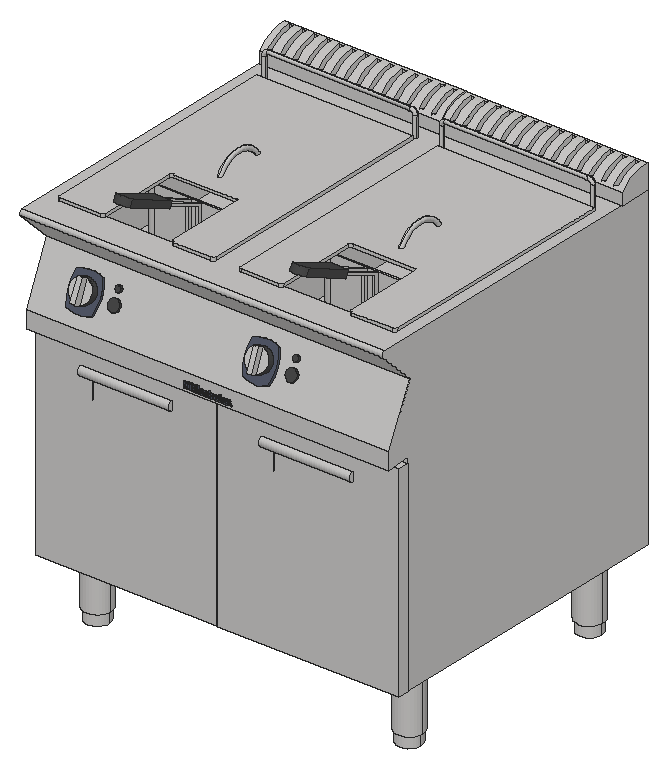
Revit family "QF_ELECTROLUXPROFESSIONAL_371425_E7KKBTBAMEI", category Attrezzature speciali, Revit 2018
Family settings
  Quota connettore circolare = Usa diametro
  Tipo di parte = Normale
  Basato su piano di lavoro = No
  Sempre verticale = Sì
  Taglio con vuoti quando caricato = No
  Condiviso = No
  Punto di calcolo locali = No
Parameters (values of type "Standard")
  Weight = 71.00 kg
  Watts = 0 W
  Volts = 0 V
  URL Manufacturer = "https://www.electroluxprofessional.com/"
  URL = "https://www.electroluxprofessional.com/"
  Steam Supply Size = 0"
  Steam Supply Minimum Pressure = 0.00 psi
  Steam Supply Maximum Pressure = 0.00 psi
  Steam Consumption per Hour = 0
  Show Logo [instance] = yes
  Show Clearance [instance] = yes
  Refrigeration Suction Line Size = 0 mm
  Refrigeration Liquid Line Size = 0 mm
  Refrigerant Compressor Remote = yes
  Phase = 0
  Modello = "E7KKBTBAMEI"
  Produttore = "Electrolux Professional"
  Length Actual = 800 mm  # constant formula
  Item Number = "371425"
  Hot Water Size = 0"
  Height Actual = 850 mm  # constant formula
  HP = "0 HP"
  Gas Size = 1/2"
  Gas KW = 14
  Gas Input Pressure = 0.469158 Btu/h
  Direct Waste Size = 0"
  Descrizione = "2X7 LITRE GAS FRYER 800MM - QMARK"
  Depth Actual = 730 mm  # constant formula
  Cycle = 0 Hz
  Condensate Return Size = 0"
  Compressed Air Volume = 0 GPM
  Compressed Air Size = 0"
  Compressed Air Pressure = 0.00 psi
  Cold Water Size = 0"
  Base Height [instance] = 150 mm  # constant formula
  Accessory = yes
Values of the unnamed type that differ from the named types
  Weight = 0.00 kg
  URL Manufacturer = ""
  Item Number = ""
  HP = ""
  Gas KW = 0
  Gas Input Pressure = 0.0 Btu/h
Reference planes
  plane 1 "BACK": y = 0
  plane 2: z = 0
  plane 3 "LEFT": x = 0
  plane 4 "RIGHT": x = 800
  plane 5 "FRONT": y = -730
  plane 6 "TOP": z = 905.238
  plane 7 "Center Y": x = 400
  plane 8 "Center X": y = -365
  plane 9 "BASE": z = 601
  plane 10 "TOP A": z = 850.238
  plane 11: y = -597.884
  plane 12: y = -147.637
  plane 13: z = 942.313
  plane 14: z = 150
Forms (mm)
  Extrusion 1, solid, material "QF_Finishes_Stainless Steel"
    sketch origin (0, 0, 0) x (0, 1, 0) y (0, 0, 1)
      loop
        line (0, 850.237) -> (-725.027, 850.237)
        arc (-725.027, 850.237) -> (-730.893, 846.318) -> (-729.517, 839.397) r 6.35
        line (-729.517, 839.397) -> (-657.416, 767.047) -> (-713.522, 646.19) -> (-713.522, 608.09) -> (-660.4, 613.7) -> (-660.4, 150) -> (0, 150) -> (0, 850.237)
      loop
        line (-661.987, 601) -> (-687.387, 601) -> (-687.387, 150) -> (-661.987, 150) -> (-661.987, 601)
    from 0 to 800
  Extrusion 2, solid, material "QF_Finishes_Stainless Steel"
    sketch origin (0, 0, 0) x (0, 1, 0) y (0, 0, 1)
      loop
        line (0, 850.237) -> (0, 905.237)
        arc (0, 905.237) -> (-38.078, 897.879) -> (-69.85, 875.637) r 93.057
        line (-69.85, 875.637) -> (-69.85, 850.237) -> (0, 850.237)
    from 0 to 800
  Extrusion 3, void
    sketch origin (0, 0, 850.238) x (-1, 0, 0) y (0, -1, 0)
      loop
        line (-33.338, 147.762) -> (-33.338, 655.762) -> (-373.012, 655.762) -> (-373.012, 147.762) -> (-33.338, 147.762)
      loop
        line (-766.662, 655.762) -> (-766.662, 147.762) -> (-426.988, 147.762) -> (-426.988, 655.762) -> (-766.662, 655.762)
    from 0 to -152.4
  Extrusion 4, void
    sketch origin (0, 0, 850.238) x (-1, 0, 0) y (0, -1, 0)
      loop
        line (-13.453, 6.761) -> (-13.453, 63.911) -> (-22.749, 63.911) -> (-22.749, 6.761) -> (-13.453, 6.761)
    from 25.4 to 63.5
  Extrusion 5, solid, material "QF_Finishes_Navy Blue"
    sketch origin (-97.5, -713.522, 646.19) x (0, 0.421077, 0.907025) y (-1, 0, 0)
      loop
        arc (101.077, -565.788) -> (66.2, -558.771) -> (31.333, -565.832) r 89.894
        arc (31.333, -565.832) -> (24.638, -594.363) -> (31.333, -622.893) r 64.14
        arc (31.333, -622.893) -> (66.2, -629.955) -> (101.077, -622.938) r 89.894
        arc (101.077, -622.938) -> (107.792, -594.363) -> (101.077, -565.788) r 64.16
      loop
        arc (101.077, -177.065) -> (66.2, -170.048) -> (31.333, -177.11) r 89.894
        arc (31.333, -177.11) -> (24.638, -205.64) -> (31.333, -234.171) r 64.14
        arc (31.333, -234.171) -> (66.2, -241.236) -> (101.077, -234.215) r 89.853
        arc (101.077, -234.215) -> (107.792, -205.64) -> (101.077, -177.065) r 64.16
    from 0 to 3.175
  Extrusion 6, solid, material "QF_Finishes_Stainless Steel"
    sketch origin (-97.5, -716.402, 647.527) x (0, 0.421077, 0.907025) y (-1, 0, 0)
      loop
        circle (68.826, -594.351) r 25.4
      loop
        circle (68.826, -205.413) r 25.4
    from 0 to 12.7
  Extrusion 7, solid, material "QF_Finishes_Stainless Steel"
    sketch origin (-97.5, -727.921, 652.875) x (0, 0.421077, 0.907025) y (-1, 0, 0)
      loop
        arc (93.558, -600.137) -> (94.226, -594.351) -> (93.558, -588.564) r 25.4
        line (93.558, -588.564) -> (44.094, -588.564)
        arc (44.094, -588.564) -> (43.426, -594.351) -> (44.094, -600.137) r 25.4
        line (44.094, -600.137) -> (93.558, -600.137)
      loop
        arc (93.558, -211.199) -> (94.226, -205.413) -> (93.558, -199.627) r 25.4
        line (93.558, -199.627) -> (44.094, -199.627)
        arc (44.094, -199.627) -> (43.426, -205.413) -> (44.094, -211.199) r 25.4
        line (44.094, -211.199) -> (93.558, -211.199)
    from 0 to 12.7
  Extrusion 8, solid, material "QF_Finishes_Black"
    sketch origin (35, -713.522, 646.19) x (0, 0.421077, 0.907025) y (-1, 0, 0)
      loop
        circle (93.566, -530.485) r 6.35
      loop
        circle (93.566, -138.473) r 6.35
    from 0 to 3.175
  Extrusion 9, solid, material "QF_Finishes_Black"
    sketch origin (35, -708.259, 657.528) x (0, 0.421077, 0.907025) y (-1, 0, 0)
      loop
        circle (50.809, -530.485) r 12.7
      loop
        circle (50.809, -138.473) r 12.7
    from 0 to 3.175
  Extrusion 10, solid, material "QF_Finishes_Clearance", visible <- "Show Clearance", detail levels coarse
    sketch origin (0, 0, 0) x (1, 0, 0) y (0, 1, 0)
      loop
        line (0, -731.377) -> (0, 0) -> (800, 0) -> (800, -731.377) -> (950.019, -731.377) -> (950.019, 150.019) -> (-150.019, 150.019) -> (-150.019, -731.377) -> (0, -731.377)
    from 0 to 905.237
  Extrusion 11, solid, material "QF_Finishes_Stainless Steel"
    sketch origin (-77.88, -4572, 850.238) x (-1, 0, 0) y (0, -1, 0)
      loop
        arc (-104.867, -3916.238) -> (-106.727, -3911.748) -> (-111.217, -3909.888) r 6.35
        line (-111.217, -3909.888) -> (-200.117, -3909.888)
        arc (-200.117, -3909.888) -> (-204.607, -3911.748) -> (-206.467, -3916.238) r 6.35
        line (-206.467, -3916.238) -> (-206.467, -4090.988)
        arc (-206.467, -4090.988) -> (-208.327, -4095.479) -> (-212.817, -4097.338) r 6.35
        line (-212.817, -4097.338) -> (-349.292, -4097.338)
        arc (-349.292, -4097.338) -> (-353.782, -4095.479) -> (-355.642, -4090.988) r 6.35
        line (-355.642, -4090.988) -> (-355.642, -3916.238)
        arc (-355.642, -3916.238) -> (-357.502, -3911.748) -> (-361.992, -3909.888) r 6.35
        line (-361.992, -3909.888) -> (-444.542, -3909.888)
        arc (-444.542, -3909.888) -> (-449.032, -3911.748) -> (-450.892, -3916.238) r 6.35
        line (-450.892, -3916.238) -> (-450.892, -4459.163) -> (-104.867, -4459.163) -> (-104.867, -3916.238)
      loop
        line (-850.892, -3916.238) -> (-850.892, -4459.163) -> (-504.867, -4459.163) -> (-504.867, -3916.238)
        arc (-504.867, -3916.238) -> (-506.727, -3911.748) -> (-511.217, -3909.888) r 6.35
        line (-511.217, -3909.888) -> (-593.767, -3909.888)
        arc (-593.767, -3909.888) -> (-598.257, -3911.748) -> (-600.117, -3916.238) r 6.35
        line (-600.117, -3916.238) -> (-600.117, -4090.988)
        arc (-600.117, -4090.988) -> (-601.977, -4095.479) -> (-606.467, -4097.338) r 6.35
        line (-606.467, -4097.338) -> (-742.942, -4097.338)
        arc (-742.942, -4097.338) -> (-747.432, -4095.479) -> (-749.292, -4090.988) r 6.35
        line (-749.292, -4090.988) -> (-749.292, -3916.238)
        arc (-749.292, -3916.238) -> (-751.152, -3911.748) -> (-755.642, -3909.888) r 6.35
        line (-755.642, -3909.888) -> (-844.542, -3909.888)
        arc (-844.542, -3909.888) -> (-849.032, -3911.748) -> (-850.892, -3916.238) r 6.35
    from 0 to 6.35
  Sweep 12, solid, material "QF_Finishes_Stainless Steel"
    path origin (0, 36.513, 0) x (1, 0, 0) y (0, 0, 1)
      loop
        line (39.688, 850.238) -> (39.688, 895.713)
        arc (39.688, 895.713) -> (41.547, 900.203) -> (46.038, 902.063) r 6.35
        line (46.038, 902.063) -> (362.669, 902.063)
        arc (362.669, 902.063) -> (367.16, 900.203) -> (369.019, 895.713) r 6.35
        line (369.019, 895.713) -> (369.019, 850.237)
    profile origin (39.688, 36.513, 872.975) x (-1, 0, 0) y (0, -1, 0)
      loop
        circle (2.09, 140.754) r 3.827
  Extrusion 13, solid, material "QF_Finishes_Black"
    sketch origin (271.462, -708.83, 942.26) x (0, 0.906308, -0.422618) y (-1, 0, 0)
      loop
        line (10.103, 47.37) -> (128.716, 47.37) -> (128.716, 84.605) -> (10.103, 84.605)
        arc (10.103, 84.605) -> (-0.124, 65.987) -> (10.103, 47.37) r 22.059
    from -15.884 to 0
  Extrusion 14, solid, material "QF_Finishes_Stainless Steel"
    sketch origin (271.463, 41.275, 0) x (0, 1, 0) y (0, 0, 1)
      loop
        line (-547.91, 741.238) -> (-547.91, 842.715) -> (-635.463, 883.542) -> (-638.147, 877.787) -> (-554.26, 838.67) -> (-554.26, 741.238) -> (-547.91, 741.238)
    from -80.476 to -74.619
  Extrusion 15, solid, material "QF_Finishes_Stainless Steel"
    sketch origin (139.588, 41.275, 0) x (0, 1, 0) y (0, 0, -1)
      loop
        line (-554.26, -838.67) -> (-638.147, -877.787) -> (-635.463, -883.542) -> (-547.91, -842.715) -> (-547.91, -741.238) -> (-554.26, -741.238) -> (-554.26, -838.67)
    from -80.476 to -74.619
  Sweep 16, solid, material "QF_Finishes_Stainless Steel"
    path origin (200.025, -0.124, 0) x (0, 1, 0) y (0, 0, 1)
      loop
        arc (-323.261, 850.238) -> (-377.7, 884.016) -> (-432.139, 850.238) r 60.757
    profile origin (200.025, -377.824, 884.016) x (0, 0, -1) y (1, 0, 0)
      loop
        circle (0, 0) r 4.353
  Sweep 17, solid, material "QF_Finishes_Stainless Steel"
    path origin (600.075, -0.124, 0) x (0, 1, 0) y (0, 0, -1)
      loop
        arc (-323.261, -850.238) -> (-377.7, -884.016) -> (-432.139, -850.238) r 60.757
    profile origin (600.075, -377.824, 884.016) x (0, 0, 1) y (-1, 0, 0)
      loop
        circle (0, 0) r 4.353
  Extrusion 18, solid, material "QF_Finishes_Black"
    sketch origin (528.637, -708.83, 942.26) x (0, 0.906308, -0.422618) y (-1, 0, 0)
      loop
        arc (10.103, -47.27) -> (-0.124, -65.887) -> (10.103, -84.505) r 22.059
        line (10.103, -84.505) -> (128.716, -84.505) -> (128.716, -47.27) -> (10.103, -47.27)
    from -15.884 to 0
  Extrusion 19, solid, material "QF_Finishes_Mesh"
    sketch origin (0, 0, 850.238) x (-1, 0, 0) y (0, -1, 0)
      loop
        arc (-116.625, 189.135) -> (-98.665, 196.575) -> (-91.225, 214.535) r 25.4
        line (-91.225, 214.535) -> (-91.225, 481.11)
        arc (-91.225, 481.11) -> (-98.665, 499.071) -> (-116.625, 506.51) r 25.4
        line (-116.625, 506.51) -> (-294.375, 506.51)
        arc (-294.375, 506.51) -> (-312.336, 499.071) -> (-319.775, 481.11) r 25.4
        line (-319.775, 481.11) -> (-319.775, 214.535)
        arc (-319.775, 214.535) -> (-312.336, 196.575) -> (-294.375, 189.135) r 25.4
        line (-294.375, 189.135) -> (-116.625, 189.135)
      loop
        arc (-116.625, 192.31) -> (-100.91, 198.82) -> (-94.4, 214.535) r 22.225
        line (-94.4, 214.535) -> (-94.4, 481.11)
        arc (-94.4, 481.11) -> (-100.91, 496.826) -> (-116.625, 503.335) r 22.225
        line (-116.625, 503.335) -> (-294.375, 503.335)
        arc (-294.375, 503.335) -> (-310.091, 496.826) -> (-316.6, 481.11) r 22.225
        line (-316.6, 481.11) -> (-316.6, 214.535)
        arc (-316.6, 214.535) -> (-310.091, 198.82) -> (-294.375, 192.31) r 22.225
        line (-294.375, 192.31) -> (-116.625, 192.31)
      loop
        line (-683.375, 189.135) -> (-505.625, 189.135)
        arc (-505.625, 189.135) -> (-487.664, 196.575) -> (-480.225, 214.535) r 25.4
        line (-480.225, 214.535) -> (-480.225, 481.11)
        arc (-480.225, 481.11) -> (-487.664, 499.071) -> (-505.625, 506.51) r 25.4
        line (-505.625, 506.51) -> (-683.375, 506.51)
        arc (-683.375, 506.51) -> (-701.335, 499.071) -> (-708.775, 481.11) r 25.4
        line (-708.775, 481.11) -> (-708.775, 214.535)
        arc (-708.775, 214.535) -> (-701.335, 196.575) -> (-683.375, 189.135) r 25.4
      loop
        line (-683.375, 192.31) -> (-505.625, 192.31)
        arc (-505.625, 192.31) -> (-489.909, 198.82) -> (-483.4, 214.535) r 22.225
        line (-483.4, 214.535) -> (-483.4, 481.11)
        arc (-483.4, 481.11) -> (-489.909, 496.826) -> (-505.625, 503.335) r 22.225
        line (-505.625, 503.335) -> (-683.375, 503.335)
        arc (-683.375, 503.335) -> (-699.09, 496.826) -> (-705.6, 481.11) r 22.225
        line (-705.6, 481.11) -> (-705.6, 214.535)
        arc (-705.6, 214.535) -> (-699.09, 198.82) -> (-683.375, 192.31) r 22.225
    from -109 to -5.315
  Extrusion 20, solid, material "QF_Finishes_Stainless Steel"
    sketch origin (528.637, 41.275, 0) x (0, 1, 0) y (0, 0, -1)
      loop
        line (-547.91, -741.238) -> (-554.26, -741.238) -> (-554.26, -838.67) -> (-638.147, -877.787) -> (-635.463, -883.542) -> (-547.91, -842.715) -> (-547.91, -741.238)
    from -80.476 to -74.619
  Extrusion 21, solid, material "QF_Finishes_Stainless Steel"
    sketch origin (660.512, 41.275, 0) x (0, 1, 0) y (0, 0, 1)
      loop
        line (-554.26, 838.67) -> (-554.26, 741.238) -> (-547.91, 741.238) -> (-547.91, 842.715) -> (-635.463, 883.542) -> (-638.147, 877.787) -> (-554.26, 838.67)
    from -80.476 to -74.619
  Sweep 22, solid, material "QF_Finishes_Stainless Steel"
    path origin (800.1, 36.513, 0) x (-1, 0, 0) y (0, 0, -1)
      loop
        line (39.788, -850.238) -> (39.788, -895.713)
        arc (39.788, -895.713) -> (41.647, -900.203) -> (46.138, -902.063) r 6.35
        line (46.138, -902.063) -> (362.769, -902.063)
        arc (362.769, -902.063) -> (367.26, -900.203) -> (369.119, -895.713) r 6.35
        line (369.119, -895.713) -> (369.119, -850.237)
    profile origin (760.312, 36.513, 872.975) x (-1, 0, 0) y (0, -1, 0)
      loop
        circle (-2.09, 140.754) r 3.827
  Extrusion 23, void
    sketch origin (361.95, 0, 850.237) x (-1, 0, 0) y (0, -1, 0)
      loop
        line (-13.403, 6.761) -> (-13.403, 63.911) -> (-22.699, 63.911) -> (-22.699, 6.761) -> (-13.403, 6.761)
    from 25.4 to 63.5
  Extrusion 24, void
    sketch origin (27.842, 0, 850.238) x (-1, 0, 0) y (0, -1, 0)
      loop
        line (-13.453, 6.761) -> (-13.453, 63.911) -> (-22.749, 63.911) -> (-22.749, 6.761) -> (-13.453, 6.761)
    from 25.4 to 63.5
  Extrusion 25, void
    sketch origin (55.685, 0, 850.238) x (-1, 0, 0) y (0, -1, 0)
      loop
        line (-13.453, 6.761) -> (-13.453, 63.911) -> (-22.749, 63.911) -> (-22.749, 6.761) -> (-13.453, 6.761)
    from 25.4 to 63.5
  Extrusion 26, void
    sketch origin (83.527, 0, 850.238) x (-1, 0, 0) y (0, -1, 0)
      loop
        line (-13.453, 6.761) -> (-13.453, 63.911) -> (-22.749, 63.911) -> (-22.749, 6.761) -> (-13.453, 6.761)
    from 25.4 to 63.5
  Extrusion 27, void
    sketch origin (111.369, 0, 850.237) x (-1, 0, 0) y (0, -1, 0)
      loop
        line (-13.453, 6.761) -> (-13.453, 63.911) -> (-22.749, 63.911) -> (-22.749, 6.761) -> (-13.453, 6.761)
    from 25.4 to 63.5
  Extrusion 28, void
    sketch origin (139.212, 0, 850.237) x (-1, 0, 0) y (0, -1, 0)
      loop
        line (-13.453, 6.761) -> (-13.453, 63.911) -> (-22.749, 63.911) -> (-22.749, 6.761) -> (-13.453, 6.761)
    from 25.4 to 63.5
  Extrusion 29, void
    sketch origin (167.054, 0, 850.237) x (-1, 0, 0) y (0, -1, 0)
      loop
        line (-13.453, 6.761) -> (-13.453, 63.911) -> (-22.749, 63.911) -> (-22.749, 6.761) -> (-13.453, 6.761)
    from 25.4 to 63.5
  Extrusion 30, void
    sketch origin (194.896, 0, 850.237) x (-1, 0, 0) y (0, -1, 0)
      loop
        line (-13.403, 6.761) -> (-13.403, 63.911) -> (-22.699, 63.911) -> (-22.699, 6.761) -> (-13.403, 6.761)
    from 25.4 to 63.5
  Extrusion 31, void
    sketch origin (222.738, 0, 850.237) x (-1, 0, 0) y (0, -1, 0)
      loop
        line (-13.403, 6.761) -> (-13.403, 63.911) -> (-22.699, 63.911) -> (-22.699, 6.761) -> (-13.403, 6.761)
    from 25.4 to 63.5
  Extrusion 32, void
    sketch origin (250.581, 0, 850.237) x (-1, 0, 0) y (0, -1, 0)
      loop
        line (-13.403, 6.761) -> (-13.403, 63.911) -> (-22.699, 63.911) -> (-22.699, 6.761) -> (-13.403, 6.761)
    from 25.4 to 63.5
  Extrusion 33, void
    sketch origin (278.423, 0, 850.237) x (-1, 0, 0) y (0, -1, 0)
      loop
        line (-13.403, 6.761) -> (-13.403, 63.911) -> (-22.699, 63.911) -> (-22.699, 6.761) -> (-13.403, 6.761)
    from 25.4 to 63.5
  Extrusion 34, void
    sketch origin (306.265, 0, 850.237) x (-1, 0, 0) y (0, -1, 0)
      loop
        line (-13.403, 6.761) -> (-13.403, 63.911) -> (-22.699, 63.911) -> (-22.699, 6.761) -> (-13.403, 6.761)
    from 25.4 to 63.5
  Extrusion 35, void
    sketch origin (334.108, 0, 850.237) x (-1, 0, 0) y (0, -1, 0)
      loop
        line (-13.403, 6.761) -> (-13.403, 63.911) -> (-22.699, 63.911) -> (-22.699, 6.761) -> (-13.403, 6.761)
    from 25.4 to 63.5
  Extrusion 36, void
    sketch origin (800.1, 0, 850.237) x (1, 0, 0) y (0, 1, 0)
      loop
        line (-13.553, -6.761) -> (-22.849, -6.761) -> (-22.849, -63.911) -> (-13.553, -63.911) -> (-13.553, -6.761)
    from 25.4 to 63.5
  Extrusion 37, void
    sketch origin (438.15, 0, 850.237) x (1, 0, 0) y (0, 1, 0)
      loop
        line (-13.503, -6.761) -> (-22.799, -6.761) -> (-22.799, -63.911) -> (-13.503, -63.911) -> (-13.503, -6.761)
    from 25.4 to 63.5
  Extrusion 38, void
    sketch origin (772.258, 0, 850.237) x (1, 0, 0) y (0, 1, 0)
      loop
        line (-13.553, -6.761) -> (-22.849, -6.761) -> (-22.849, -63.911) -> (-13.553, -63.911) -> (-13.553, -6.761)
    from 25.4 to 63.5
  Extrusion 39, void
    sketch origin (744.415, 0, 850.237) x (1, 0, 0) y (0, 1, 0)
      loop
        line (-13.553, -6.761) -> (-22.849, -6.761) -> (-22.849, -63.911) -> (-13.553, -63.911) -> (-13.553, -6.761)
    from 25.4 to 63.5
  Extrusion 40, void
    sketch origin (716.573, 0, 850.237) x (1, 0, 0) y (0, 1, 0)
      loop
        line (-13.553, -6.761) -> (-22.849, -6.761) -> (-22.849, -63.911) -> (-13.553, -63.911) -> (-13.553, -6.761)
    from 25.4 to 63.5
  Extrusion 41, void
    sketch origin (688.731, 0, 850.237) x (1, 0, 0) y (0, 1, 0)
      loop
        line (-13.553, -6.761) -> (-22.849, -6.761) -> (-22.849, -63.911) -> (-13.553, -63.911) -> (-13.553, -6.761)
    from 25.4 to 63.5
  Extrusion 42, void
    sketch origin (660.888, 0, 850.237) x (1, 0, 0) y (0, 1, 0)
      loop
        line (-13.553, -6.761) -> (-22.849, -6.761) -> (-22.849, -63.911) -> (-13.553, -63.911) -> (-13.553, -6.761)
    from 25.4 to 63.5
  Extrusion 43, void
    sketch origin (633.046, 0, 850.237) x (1, 0, 0) y (0, 1, 0)
      loop
        line (-13.553, -6.761) -> (-22.849, -6.761) -> (-22.849, -63.911) -> (-13.553, -63.911) -> (-13.553, -6.761)
    from 25.4 to 63.5
  Extrusion 44, void
    sketch origin (605.204, 0, 850.237) x (1, 0, 0) y (0, 1, 0)
      loop
        line (-13.503, -6.761) -> (-22.799, -6.761) -> (-22.799, -63.911) -> (-13.503, -63.911) -> (-13.503, -6.761)
    from 25.4 to 63.5
  Extrusion 45, void
    sketch origin (577.362, 0, 850.237) x (1, 0, 0) y (0, 1, 0)
      loop
        line (-13.503, -6.761) -> (-22.799, -6.761) -> (-22.799, -63.911) -> (-13.503, -63.911) -> (-13.503, -6.761)
    from 25.4 to 63.5
  Extrusion 46, void
    sketch origin (549.519, 0, 850.237) x (1, 0, 0) y (0, 1, 0)
      loop
        line (-13.503, -6.761) -> (-22.799, -6.761) -> (-22.799, -63.911) -> (-13.503, -63.911) -> (-13.503, -6.761)
    from 25.4 to 63.5
  Extrusion 47, void
    sketch origin (521.677, 0, 850.237) x (1, 0, 0) y (0, 1, 0)
      loop
        line (-13.503, -6.761) -> (-22.799, -6.761) -> (-22.799, -63.911) -> (-13.503, -63.911) -> (-13.503, -6.761)
    from 25.4 to 63.5
  Extrusion 48, void
    sketch origin (493.835, 0, 850.237) x (1, 0, 0) y (0, 1, 0)
      loop
        line (-13.503, -6.761) -> (-22.799, -6.761) -> (-22.799, -63.911) -> (-13.503, -63.911) -> (-13.503, -6.761)
    from 25.4 to 63.5
  Extrusion 49, void
    sketch origin (465.992, 0, 850.237) x (1, 0, 0) y (0, 1, 0)
      loop
        line (-13.503, -6.761) -> (-22.799, -6.761) -> (-22.799, -63.911) -> (-13.503, -63.911) -> (-13.503, -6.761)
    from 25.4 to 63.5
  Extrusion 50, void
    sketch origin (418.151, 0, 850.237) x (1, 0, 0) y (0, 1, 0)
      loop
        line (-16.563, 0) -> (-19.738, 0) -> (-19.738, -69.85) -> (-16.563, -69.85) -> (-16.563, 0)
    from 25.4 to 63.5
  Extrusion 51, void
    sketch origin (0, -660.4, 601) x (0, 0, 1) y (-1, 0, 0)
      loop
        line (0, -398.363) -> (-451, -398.363) -> (-451, -401.538) -> (0, -401.538) -> (0, -398.363)
    from 0 to 27
  Extrusion 52, void
    sketch origin (200.025, 0, 0) x (0, 1, 0) y (0, 0, 1)
      loop
        line (-687.137, 541) -> (-687.137, 499.788) -> (-672.137, 541) -> (-687.137, 541)
    from -75 to 75
  Extrusion 53, solid, material "QF_Finishes_Stainless Steel"
    sketch origin (200.025, 0, 0) x (0, 1, 0) y (0, 0, 1)
      loop
        line (-687.137, 541) -> (-687.137, 561)
        arc (-687.137, 561) -> (-697.137, 551) -> (-687.137, 541) r 10
    from -100 to 100
  Extrusion 54, void
    sketch origin (600.075, 0, 0) x (0, 1, 0) y (0, 0, -1)
      loop
        line (-687.137, -541) -> (-672.137, -541) -> (-687.137, -499.788) -> (-687.137, -541)
    from -75 to 75
  Extrusion 55, solid, material "QF_Finishes_Stainless Steel"
    sketch origin (600.075, 0, 0) x (0, 1, 0) y (0, 0, -1)
      loop
        arc (-687.137, -541) -> (-697.137, -551) -> (-687.137, -561) r 10
        line (-687.137, -561) -> (-687.137, -541)
    from -100 to 100
  Revolve 56, solid, material "QF_Finishes_Stainless Steel"
    sketch origin (0, -587.387, 608.09) x (0, 0, 1) y (-1, 0, 0)
      loop
        line (-608.09, -56) -> (-458.09, -56) -> (-458.09, -26) -> (-583.09, -26) -> (-583.09, -29.75) -> (-608.09, -29.75) -> (-608.09, -56)
      axis (-608.09, -56) -> (-458.09, -56)
    angle from 0 to 360
  Revolve 57, solid, material "QF_Finishes_Stainless Steel"
    sketch origin (0, -90, 608.09) x (0, 0, 1) y (-1, 0, 0)
      loop
        line (-608.09, -56) -> (-458.09, -56) -> (-458.09, -26) -> (-583.09, -26) -> (-583.09, -29.75) -> (-608.09, -29.75) -> (-608.09, -56)
      axis (-608.09, -56) -> (-458.09, -56)
    angle from 0 to 360
  Revolve 58, solid, material "QF_Finishes_Stainless Steel"
    sketch origin (800.1, -587.387, 608.09) x (0, 0, 1) y (-1, 0, 0)
      loop
        line (-608.09, 56.1) -> (-608.09, 29.85) -> (-583.09, 29.85) -> (-583.09, 26.1) -> (-458.09, 26.1) -> (-458.09, 56.1) -> (-608.09, 56.1)
      axis (-608.09, 56.1) -> (-458.09, 56.1)
    angle from 0 to 360
  Revolve 59, solid, material "QF_Finishes_Stainless Steel"
    sketch origin (800.1, -90, 608.09) x (0, 0, 1) y (-1, 0, 0)
      loop
        line (-608.09, 56.1) -> (-608.09, 29.85) -> (-583.09, 29.85) -> (-583.09, 26.1) -> (-458.09, 26.1) -> (-458.09, 56.1) -> (-608.09, 56.1)
      axis (-608.09, 56.1) -> (-458.09, 56.1)
    angle from 0 to 360
  Extrusion 60, solid, material "QF_Finishes_Door Clearance", visible <- "Show Clearance", detail levels coarse
    sketch origin (0, 0, 850.238) x (-1, 0, 0) y (0, -1, 0)
      loop
        arc (-401.587, 687.137) -> (-518.28, 968.858) -> (-800, 1085.55) r 398.413
        line (-800, 1085.55) -> (-800, 687.137) -> (-401.587, 687.137)
      loop
        line (-398.412, 687.138) -> (0, 687.137) -> (0, 1085.55)
        arc (0, 1085.55) -> (-281.72, 968.858) -> (-398.412, 687.138) r 398.412
    from -700.237 to -249.237
  Extrusion 61, solid, material "QF_Finishes_Stainless Steel"
    sketch origin (-77.88, -4572, 150) x (-1, 0, 0) y (0, -1, 0)
      loop
        circle (-821.88, -4067) r 6.35
    from 0 to -12.7
  Extrusion 62, solid, material "QF_Finishes_Navy Blue", visible <- "Show Logo"
    sketch origin (60.791, -713.772, 608.09) x (0, 0, 1) y (-1, 0, 0)
      loop
        line (20.674, -296.698) -> (8.307, -296.698)
        arc (8.307, -296.698) -> (14.491, -301.27) -> (20.674, -296.698) r 6.467
      loop
        arc (20.674, -296.069) -> (19.505, -290.926) -> (14.849, -288.448) r 6.338
        line (14.849, -288.448) -> (14.849, -290.494)
        arc (14.849, -290.494) -> (16.333, -294.149) -> (19.778, -296.069) r 5.941
        line (19.778, -296.069) -> (20.674, -296.069)
      loop
        arc (9.203, -296.069) -> (12.648, -294.149) -> (14.132, -290.494) r 5.941
        line (14.132, -290.494) -> (14.132, -288.448)
        arc (14.132, -288.448) -> (9.438, -290.922) -> (8.148, -296.069) r 6.504
        line (8.148, -296.069) -> (9.203, -296.069)
      loop
        line (21.349, -287.979) -> (7.604, -287.979) -> (7.604, -301.742) -> (21.349, -301.742) -> (21.349, -287.979)
      loop
        arc (21.432, -304.71) -> (21.085, -304.352) -> (20.718, -304.69) r 0.358
        arc (20.718, -304.69) -> (20.404, -305.44) -> (19.687, -305.825) r 1.216
        line (19.687, -305.825) -> (9.274, -305.825)
        arc (9.274, -305.825) -> (8.614, -305.548) -> (8.218, -304.951) r 1.238
        arc (8.218, -304.951) -> (7.823, -304.7) -> (7.518, -305.054) r 0.358
        line (7.518, -305.054) -> (7.518, -314.933) -> (10.269, -314.933) -> (10.269, -314.036)
        arc (10.269, -314.036) -> (9.36, -313.456) -> (8.904, -312.479) r 1.928
        line (8.904, -312.479) -> (8.904, -309.98)
        arc (8.904, -309.98) -> (9.18, -309.251) -> (9.868, -308.887) r 1.101
        line (9.868, -308.887) -> (13.955, -308.887) -> (13.955, -312.561)
        arc (13.955, -312.561) -> (13.602, -313.058) -> (13.037, -313.286) r 1.083
        arc (13.037, -313.286) -> (12.773, -313.591) -> (13.065, -313.869) r 0.292
        line (13.065, -313.869) -> (16.028, -313.869)
        arc (16.028, -313.869) -> (16.33, -313.596) -> (16.092, -313.266) r 0.305
        arc (16.092, -313.266) -> (15.601, -313.018) -> (15.296, -312.561) r 1.083
        line (15.296, -312.561) -> (15.296, -308.887) -> (19.973, -308.887) -> (19.973, -312.635)
        arc (19.973, -312.635) -> (19.759, -313.39) -> (19.153, -313.888) r 1.314
        arc (19.153, -313.888) -> (18.934, -314.292) -> (19.288, -314.585) r 0.361
        line (19.288, -314.585) -> (21.432, -314.585) -> (21.432, -304.71)
      loop
        arc (20.715, -315.365) -> (20.335, -316.284) -> (19.416, -316.664) r 1.299
        line (19.416, -316.664) -> (9.837, -316.664)
        arc (9.837, -316.664) -> (8.999, -316.286) -> (8.728, -315.408) r 1.118
        line (8.728, -315.408) -> (7.518, -315.408) -> (7.518, -320.758) -> (8.706, -320.758)
        arc (8.706, -320.758) -> (8.978, -319.841) -> (9.848, -319.445) r 1.153
        line (9.848, -319.445) -> (21.92, -319.445) -> (20.715, -315.365)
      loop
        line (12.483, -323.394) -> (12.483, -329.842) -> (13.282, -329.842)
        arc (13.282, -329.842) -> (15.862, -328.857) -> (17.131, -326.404) r 3.874
        line (17.131, -326.404) -> (17.131, -324.643)
        arc (17.131, -324.643) -> (15.944, -321.778) -> (13.08, -320.592) r 4.051
        line (13.08, -320.592) -> (11.072, -320.592)
        arc (11.072, -320.592) -> (8.253, -322.077) -> (7.202, -325.084) r 4.352
        arc (7.202, -325.084) -> (7.566, -327.547) -> (8.943, -329.621) r 5.713
        line (8.943, -329.621) -> (9.892, -329.621)
        arc (9.892, -329.621) -> (9.16, -328.052) -> (8.943, -326.334) r 5.579
        arc (8.943, -326.334) -> (9.737, -324.371) -> (11.616, -323.394) r 3.057
        line (11.616, -323.394) -> (12.483, -323.394)
      loop
        line (13.742, -323.394) -> (13.742, -326.977)
        arc (13.742, -326.977) -> (15.199, -327.024) -> (16.082, -325.864) r 1.59
        line (16.082, -325.864) -> (16.082, -325.034)
        arc (16.082, -325.034) -> (15.217, -323.779) -> (13.742, -323.394) r 2.184
      loop
        arc (16.533, -339.259) -> (17.022, -337.585) -> (17.179, -335.848) r 9.023
        line (17.179, -335.848) -> (17.179, -334.486)
        arc (17.179, -334.486) -> (16.02, -331.686) -> (13.22, -330.527) r 3.959
        line (13.22, -330.527) -> (10.62, -330.527)
        arc (10.62, -330.527) -> (8.338, -331.819) -> (7.221, -334.192) r 4.331
        line (7.221, -334.192) -> (7.221, -336.327)
        arc (7.221, -336.327) -> (7.729, -337.877) -> (8.651, -339.223) r 5.772
        arc (8.651, -339.223) -> (9.412, -339.274) -> (9.499, -338.515) r 0.553
        arc (9.499, -338.515) -> (9.111, -337.781) -> (8.977, -336.962) r 2.573
        line (8.977, -336.962) -> (8.977, -335.447)
        arc (8.977, -335.447) -> (9.983, -333.806) -> (11.798, -333.163) r 2.884
        line (11.798, -333.163) -> (13.077, -333.163)
        arc (13.077, -333.163) -> (14.898, -333.723) -> (15.824, -335.388) r 2.554
        line (15.824, -335.388) -> (15.824, -336.441)
        arc (15.824, -336.441) -> (15.493, -337.369) -> (14.836, -338.104) r 2.564
        arc (14.836, -338.104) -> (14.614, -338.821) -> (15.223, -339.259) r 0.643
        line (15.223, -339.259) -> (16.533, -339.259)
      loop
        line (15.515, -339.53) -> (15.515, -341.031) -> (9.467, -341.031)
        arc (9.467, -341.031) -> (7.879, -341.688) -> (7.221, -343.276) r 2.246
        line (7.221, -343.276) -> (7.221, -344.86)
        arc (7.221, -344.86) -> (7.535, -345.725) -> (8.035, -346.496) r 4.06
        arc (8.035, -346.496) -> (8.768, -346.629) -> (9.019, -345.928) r 0.576
        arc (9.019, -345.928) -> (8.913, -345.403) -> (8.977, -344.87) r 1.69
        arc (8.977, -344.87) -> (9.519, -344.082) -> (10.425, -343.779) r 1.506
        line (10.425, -343.779) -> (15.563, -343.779) -> (15.563, -346.176) -> (16.119, -346.733) -> (16.941, -346.733) -> (16.941, -343.873) -> (20.172, -343.873) -> (15.515, -339.53)
      loop
        line (7.438, -347.63) -> (7.438, -353.017) -> (8.548, -353.017)
        arc (8.548, -353.017) -> (8.942, -352.066) -> (9.893, -351.672) r 1.345
        line (9.893, -351.672) -> (13.509, -351.672)
        arc (13.509, -351.672) -> (14.274, -352.264) -> (14.564, -353.186) r 1.615
        line (14.564, -353.186) -> (14.564, -354.742) -> (17.119, -355.427) -> (17.119, -354.044) -> (15.177, -351.485) -> (17.057, -351.485) -> (16.773, -348.779)
        arc (16.773, -348.779) -> (16.333, -348.249) -> (15.674, -348.45) r 0.621
        arc (15.674, -348.45) -> (15.274, -348.792) -> (14.78, -348.975) r 1.501
        line (14.78, -348.975) -> (9.893, -348.975)
        arc (9.893, -348.975) -> (8.942, -348.581) -> (8.548, -347.63) r 1.345
        line (8.548, -347.63) -> (7.438, -347.63)
      loop
        line (13.54, -354.964) -> (10.848, -354.964)
        arc (10.848, -354.964) -> (8.403, -356.272) -> (7.269, -358.803) r 4.288
        arc (7.269, -358.803) -> (7.205, -360.183) -> (7.269, -361.563) r 15.022
        arc (7.269, -361.563) -> (8.403, -364.094) -> (10.848, -365.401) r 4.288
        line (10.848, -365.401) -> (13.54, -365.401)
        arc (13.54, -365.401) -> (15.986, -364.094) -> (17.119, -361.563) r 4.288
        arc (17.119, -361.563) -> (17.183, -360.183) -> (17.119, -358.803) r 15.022
        arc (17.119, -358.803) -> (15.986, -356.272) -> (13.54, -354.964) r 4.288
      loop
        line (13.745, -358.078) -> (10.643, -358.078)
        arc (10.643, -358.078) -> (8.486, -360.235) -> (10.643, -362.392) r 2.157
        line (10.643, -362.392) -> (13.745, -362.392)
        arc (13.745, -362.392) -> (15.902, -360.235) -> (13.745, -358.078) r 2.157
      loop
        arc (20.726, -365.26) -> (20.355, -366.154) -> (19.461, -366.524) r 1.264
        line (19.461, -366.524) -> (9.597, -366.524)
        arc (9.597, -366.524) -> (8.727, -366.127) -> (8.455, -365.211) r 1.153
        line (8.455, -365.211) -> (7.518, -365.211) -> (7.518, -370.319) -> (8.446, -370.319)
        arc (8.446, -370.319) -> (8.805, -369.547) -> (9.597, -369.232) r 1.153
        line (9.597, -369.232) -> (21.92, -369.232) -> (20.726, -365.26)
      loop
        arc (15.846, -369.857) -> (15.647, -370.921) -> (14.678, -371.403) r 1.215
        line (14.678, -371.403) -> (9.658, -371.403)
        arc (9.658, -371.403) -> (8.043, -372.051) -> (7.322, -373.634) r 2.338
        line (7.322, -373.634) -> (7.322, -375.148)
        arc (7.322, -375.148) -> (7.497, -376.152) -> (7.999, -377.038) r 2.979
        line (7.999, -377.038) -> (7.518, -378.835) -> (7.518, -380.524) -> (16.943, -380.524) -> (16.649, -376.32) -> (15.863, -376.32)
        arc (15.863, -376.32) -> (15.507, -377.156) -> (14.755, -377.665) r 1.605
        line (14.755, -377.665) -> (9.652, -377.665)
        arc (9.652, -377.665) -> (9.232, -376.728) -> (9.159, -375.704) r 2.94
        arc (9.159, -375.704) -> (9.72, -374.603) -> (10.873, -374.16) r 1.724
        line (10.873, -374.16) -> (17.07, -374.16) -> (15.846, -369.857)
      loop
        line (16.874, -381.377) -> (15.202, -383.423) -> (12.028, -385.729) -> (8.572, -382.617)
        arc (8.572, -382.617) -> (8.335, -382.223) -> (8.357, -381.764) r 0.789
        line (8.357, -381.764) -> (7.518, -381.764) -> (7.518, -385.309) -> (8.344, -385.309)
        arc (8.344, -385.309) -> (8.686, -384.947) -> (9.176, -385.039) r 0.52
        line (9.176, -385.039) -> (10.976, -386.51) -> (8.858, -387.886)
        arc (8.858, -387.886) -> (8.457, -387.576) -> (8.37, -387.076) r 0.7
        line (8.37, -387.076) -> (7.518, -387.076) -> (7.518, -393.003) -> (8.405, -393.003)
        arc (8.405, -393.003) -> (8.472, -392.344) -> (8.866, -391.813) r 1.247
        line (8.866, -391.813) -> (13.066, -388.532) -> (15.513, -390.585) -> (16.874, -392.327) -> (16.874, -388.604) -> (15.389, -389.026) -> (13.868, -387.749) -> (15.568, -386.559) -> (16.874, -387.336) -> (16.874, -381.377)
    from 0 to 1.644
Cuts and joins
  Extrusion 3, Extrusion 4, Extrusion 51, Extrusion 52, Extrusion 54 cuts Extrusion 1
  Extrusion 4, Extrusion 23, Extrusion 24, Extrusion 25, Extrusion 26, Extrusion 27, Extrusion 28, Extrusion 29, Extrusion 30, Extrusion 31, Extrusion 32, Extrusion 33, Extrusion 34, Extrusion 35, Extrusion 36, Extrusion 37, Extrusion 38, Extrusion 39, Extrusion 40, Extrusion 41, Extrusion 42, Extrusion 43, Extrusion 44, Extrusion 45, Extrusion 46, Extrusion 47, Extrusion 48, Extrusion 49, Extrusion 50 cuts Extrusion 2
  joined: Extrusion 6, Extrusion 7
  joined: Extrusion 11, Sweep 16, Sweep 17
  Extrusion 23, Extrusion 24, Extrusion 25, Extrusion 26, Extrusion 27, Extrusion 28, Extrusion 29, Extrusion 30, Extrusion 31, Extrusion 32, Extrusion 33, Extrusion 34, Extrusion 35, Extrusion 36, Extrusion 37, Extrusion 38, Extrusion 39, Extrusion 40, Extrusion 41, Extrusion 42, Extrusion 43, Extrusion 44, Extrusion 45, Extrusion 46, Extrusion 47, Extrusion 48, Extrusion 49, Extrusion 50, Extrusion 52, Extrusion 54 cuts Extrusion 10
  Extrusion 52, Extrusion 54 cuts Extrusion 53
  Extrusion 54 cuts Extrusion 55
Lines and regions (mm)
  symbolic lines, style "QF-Clearances", visible <- "Show Clearance", detail levels coarse
    curve 1: line (-150.019, 150.019, 850.238) -> (-150.019, -731.377, 850.238)
    curve 2: line (950.019, 150.019, 850.237) -> (-150.019, 150.019, 850.238)
    curve 3: line (950.019, -731.377, 850.237) -> (950.019, 150.019, 850.237)
  symbolic lines
    curve 4: line (0, 0, 850.238) -> (800, 0, 850.237)
    curve 5: line (0, -730, 850.238) -> (0, 0, 850.238)
    curve 6: line (800, -730, 850.237) -> (0, -730, 850.238)
    curve 7: line (800, 0, 850.237) -> (800, -730, 850.237)
    curve 8: line (22.699, -6.761, 850.238) -> (22.699, -63.911, 850.238)
    curve 9: line (13.403, -63.911, 850.238) -> (13.403, -6.761, 850.238)
    curve 10: line (13.403, -6.761, 850.238) -> (22.699, -6.761, 850.238)
    curve 11: line (26.988, -112.837, 850.238) -> (26.988, -655.762, 850.238)
    curve 12: arc (26.988, -655.762, 850.238) -> (28.847, -660.252, 850.238) -> (33.338, -662.112, 850.238) r 6.35
    curve 13: line (33.338, -662.112, 850.238) -> (122.188, -662.112, 850.237)
    curve 14: arc (122.188, -662.112, 850.237) -> (126.678, -660.252, 850.237) -> (128.538, -655.762, 850.237) r 6.35
    curve 15: line (128.538, -655.762, 850.237) -> (128.538, -481.012, 850.237)
    curve 16: arc (128.537, -481.012, 850.237) -> (130.397, -476.521, 850.237) -> (134.887, -474.662, 850.237) r 6.35
    curve 17: line (134.887, -474.662, 850.237) -> (271.412, -474.662, 850.237)
    curve 18: arc (271.412, -474.662, 850.237) -> (275.903, -476.521, 850.237) -> (277.762, -481.012, 850.237) r 6.35
    curve 19: line (277.762, -481.012, 850.237) -> (277.762, -655.762, 850.237)
    curve 20: arc (277.762, -655.762, 850.237) -> (279.622, -660.252, 850.237) -> (284.112, -662.112, 850.237) r 6.35
    curve 21: line (284.112, -662.112, 850.237) -> (366.662, -662.112, 850.237)
    curve 22: arc (366.662, -662.112, 850.237) -> (371.153, -660.252, 850.237) -> (373.012, -655.762, 850.237) r 6.35
    curve 23: line (373.012, -655.762, 850.237) -> (373.012, -112.837, 850.237)
    curve 24: line (373.012, -112.837, 850.237) -> (26.988, -112.837, 850.238)
    curve 25: line (0, -69.85, 850.238) -> (398.413, -69.85, 850.237)
    curve 26: line (224.093, -706.386, 850.237) -> (224.093, -592.174, 850.237)
    curve 27: line (224.093, -592.174, 850.237) -> (186.858, -592.174, 850.237)
    curve 28: line (186.858, -592.174, 850.237) -> (186.858, -706.386, 850.237)
    curve 29: spline (224.093, -706.386, 850.237) -> (221.86, -709.048, 850.237) -> (219.17, -711.336, 850.237) -> (216.096, -713.185, 850.237) -> (212.725, -714.544, 850.237) -> (209.152, -715.375, 850.237) -> (205.475, -715.655, 850.237) -> (201.799, -715.375, 850.237) -> (198.225, -714.544, 850.237) -> (194.855, -713.185, 850.237) -> (191.781, -711.336, 850.237) -> (189.09, -709.048, 850.237) -> (186.858, -706.386, 850.237)
    curve 30: line (128.538, -655.762, 850.237) -> (186.858, -655.762, 850.237)
    curve 31: line (224.093, -655.762, 850.237) -> (277.762, -655.762, 850.237)
    curve 32: line (196.794, -506.51, 850.237) -> (196.794, -592.174, 850.237)
    curve 33: line (190.937, -592.174, 850.237) -> (190.937, -506.51, 850.237)
    curve 34: line (220.014, -506.51, 850.237) -> (220.014, -592.174, 850.237)
    curve 35: line (214.157, -592.174, 850.237) -> (214.157, -506.51, 850.237)
    curve 36: spline (186.858, -699.673, 850.237) -> (189.09, -702.336, 850.237) -> (191.781, -704.623, 850.237) -> (194.855, -706.473, 850.237) -> (198.225, -707.832, 850.237) -> (201.799, -708.663, 850.237) -> (205.475, -708.942, 850.237) -> (209.152, -708.663, 850.237) -> (212.725, -707.832, 850.237) -> (216.096, -706.473, 850.237) -> (219.17, -704.623, 850.237) -> (221.86, -702.336, 850.237) -> (224.093, -699.673, 850.237)
    curve 37: line (195.52, -428.432, 850.237) -> (195.52, -326.969, 850.237)
    curve 38: line (204.418, -326.969, 850.237) -> (204.418, -428.432, 850.237)
    curve 39: arc (195.52, -428.432, 850.237) -> (199.969, -432.882, 850.237) -> (204.418, -428.432, 850.237) r 4.449
    curve 40: arc (195.52, -326.969, 850.237) -> (199.969, -322.52, 850.237) -> (204.418, -326.969, 850.237) r 4.449
    curve 41: line (128.538, -503.335, 850.237) -> (277.762, -503.335, 850.237)
    curve 42: line (128.538, -506.51, 850.237) -> (277.762, -506.51, 850.237)
    curve 43: line (773.013, -112.837, 850.237) -> (773.013, -655.762, 850.237)
    curve 44: arc (773.013, -655.762, 850.237) -> (771.153, -660.252, 850.237) -> (766.663, -662.112, 850.237) r 6.35
    curve 45: line (766.663, -662.112, 850.237) -> (677.763, -662.112, 850.237)
    curve 46: arc (677.763, -662.112, 850.237) -> (673.272, -660.252, 850.237) -> (671.413, -655.762, 850.237) r 6.35
    curve 47: line (671.413, -655.762, 850.237) -> (671.413, -481.012, 850.237)
    curve 48: arc (671.413, -481.012, 850.237) -> (669.553, -476.521, 850.237) -> (665.063, -474.662, 850.237) r 6.35
    curve 49: line (665.063, -474.662, 850.237) -> (528.538, -474.662, 850.237)
    curve 50: arc (528.538, -474.662, 850.237) -> (524.047, -476.521, 850.237) -> (522.188, -481.012, 850.237) r 6.35
    curve 51: line (522.188, -481.012, 850.237) -> (522.188, -655.762, 850.237)
    curve 52: arc (522.188, -655.762, 850.237) -> (520.328, -660.252, 850.237) -> (515.838, -662.112, 850.237) r 6.35
    curve 53: line (515.838, -662.112, 850.237) -> (433.338, -662.112, 850.237)
    curve 54: arc (433.338, -662.112, 850.237) -> (428.847, -660.252, 850.237) -> (426.988, -655.762, 850.237) r 6.35
    curve 55: line (426.988, -655.762, 850.237) -> (426.988, -112.837, 850.237)
    curve 56: line (426.988, -112.837, 850.237) -> (773.013, -112.837, 850.237)
    curve 57: line (575.857, -706.386, 850.237) -> (575.857, -592.174, 850.237)
    curve 58: line (575.857, -592.174, 850.237) -> (613.092, -592.174, 850.237)
    curve 59: line (613.092, -592.174, 850.237) -> (613.092, -706.386, 850.237)
    curve 60: spline (575.857, -706.386, 850.237) -> (578.09, -709.048, 850.237) -> (580.78, -711.336, 850.237) -> (583.854, -713.185, 850.237) -> (587.225, -714.544, 850.237) -> (590.798, -715.375, 850.237) -> (594.475, -715.655, 850.237) -> (598.151, -715.375, 850.237) -> (601.725, -714.544, 850.237) -> (605.095, -713.185, 850.237) -> (608.169, -711.336, 850.237) -> (610.86, -709.048, 850.237) -> (613.092, -706.386, 850.237)
    curve 61: line (671.413, -655.762, 850.237) -> (613.092, -655.762, 850.237)
    curve 62: line (575.857, -655.762, 850.237) -> (522.188, -655.762, 850.237)
    curve 63: line (603.156, -506.51, 850.237) -> (603.156, -592.174, 850.237)
    curve 64: line (609.013, -592.174, 850.237) -> (609.013, -506.51, 850.237)
    curve 65: line (579.936, -506.51, 850.237) -> (579.936, -592.174, 850.237)
    curve 66: line (585.793, -592.174, 850.237) -> (585.793, -506.51, 850.237)
    curve 67: spline (613.092, -699.673, 850.237) -> (610.86, -702.336, 850.237) -> (608.169, -704.623, 850.237) -> (605.095, -706.473, 850.237) -> (601.725, -707.832, 850.237) -> (598.151, -708.663, 850.237) -> (594.475, -708.942, 850.237) -> (590.798, -708.663, 850.237) -> (587.225, -707.832, 850.237) -> (583.854, -706.473, 850.237) -> (580.78, -704.623, 850.237) -> (578.09, -702.336, 850.237) -> (575.857, -699.673, 850.237)
    curve 68: line (604.43, -428.432, 850.237) -> (604.43, -326.969, 850.237)
    curve 69: line (595.532, -326.969, 850.237) -> (595.532, -428.432, 850.237)
    curve 70: arc (604.43, -428.432, 850.237) -> (599.981, -432.882, 850.237) -> (595.532, -428.432, 850.237) r 4.449
    curve 71: arc (604.43, -326.969, 850.237) -> (599.981, -322.52, 850.237) -> (595.532, -326.969, 850.237) r 4.449
    curve 72: line (671.413, -503.335, 850.237) -> (522.188, -503.335, 850.237)
    curve 73: line (671.413, -506.51, 850.237) -> (522.188, -506.51, 850.237)
    curve 74: line (37.598, -100.414, 850.238) -> (371.109, -100.414, 850.237)
    curve 75: line (37.598, -108.069, 850.238) -> (37.598, -100.414, 850.238)
    curve 76: line (371.109, -108.069, 850.237) -> (37.598, -108.069, 850.238)
    curve 77: line (371.109, -100.414, 850.237) -> (371.109, -108.069, 850.237)
    curve 78: line (428.891, -100.414, 850.237) -> (762.402, -100.414, 850.237)
    curve 79: line (428.891, -108.069, 850.237) -> (428.891, -100.414, 850.237)
    curve 80: line (762.402, -108.069, 850.237) -> (428.891, -108.069, 850.237)
    curve 81: line (762.402, -100.414, 850.237) -> (762.402, -108.069, 850.237)
    curve 82: line (384.649, -6.761, 850.237) -> (384.649, -63.911, 850.237)
    curve 83: line (375.353, -63.911, 850.237) -> (375.353, -6.761, 850.237)
    curve 84: line (375.353, -6.761, 850.237) -> (384.649, -6.761, 850.237)
    curve 85: line (50.541, -6.761, 850.238) -> (50.541, -63.911, 850.238)
    curve 86: line (41.245, -63.911, 850.238) -> (41.245, -6.761, 850.238)
    curve 87: line (41.245, -6.761, 850.238) -> (50.541, -6.761, 850.238)
    curve 88: line (78.383, -6.761, 850.238) -> (78.383, -63.911, 850.238)
    curve 89: line (69.087, -63.911, 850.238) -> (69.087, -6.761, 850.238)
    curve 90: line (69.087, -6.761, 850.238) -> (78.383, -6.761, 850.238)
    curve 91: line (106.225, -6.761, 850.237) -> (106.225, -63.911, 850.237)
    curve 92: line (96.93, -63.911, 850.238) -> (96.93, -6.761, 850.238)
    curve 93: line (96.93, -6.761, 850.238) -> (106.225, -6.761, 850.237)
    curve 94: line (134.068, -6.761, 850.237) -> (134.068, -63.911, 850.237)
    curve 95: line (124.772, -63.911, 850.237) -> (124.772, -6.761, 850.237)
    curve 96: line (124.772, -6.761, 850.237) -> (134.068, -6.761, 850.237)
    curve 97: line (161.91, -6.761, 850.237) -> (161.91, -63.911, 850.237)
    curve 98: line (152.614, -63.911, 850.237) -> (152.614, -6.761, 850.237)
    curve 99: line (152.614, -6.761, 850.237) -> (161.91, -6.761, 850.237)
    curve 100: line (189.752, -6.761, 850.237) -> (189.752, -63.911, 850.237)
    curve 101: line (180.457, -63.911, 850.237) -> (180.457, -6.761, 850.237)
    curve 102: line (180.457, -6.761, 850.237) -> (189.752, -6.761, 850.237)
    curve 103: line (217.595, -6.761, 850.237) -> (217.595, -63.911, 850.237)
    curve 104: line (208.299, -63.911, 850.237) -> (208.299, -6.761, 850.237)
    curve 105: line (208.299, -6.761, 850.237) -> (217.595, -6.761, 850.237)
    curve 106: line (245.437, -6.761, 850.237) -> (245.437, -63.911, 850.237)
    curve 107: line (236.141, -63.911, 850.237) -> (236.141, -6.761, 850.237)
    curve 108: line (236.141, -6.761, 850.237) -> (245.437, -6.761, 850.237)
    curve 109: line (273.279, -6.761, 850.237) -> (273.279, -63.911, 850.237)
    curve 110: line (263.984, -63.911, 850.237) -> (263.984, -6.761, 850.237)
    curve 111: line (263.984, -6.761, 850.237) -> (273.279, -6.761, 850.237)
    curve 112: line (301.122, -6.761, 850.237) -> (301.122, -63.911, 850.237)
    curve 113: line (291.826, -63.911, 850.237) -> (291.826, -6.761, 850.237)
    curve 114: line (291.826, -6.761, 850.237) -> (301.122, -6.761, 850.237)
    curve 115: line (328.964, -6.761, 850.237) -> (328.964, -63.911, 850.237)
    curve 116: line (319.668, -63.911, 850.237) -> (319.668, -6.761, 850.237)
    curve 117: line (319.668, -6.761, 850.237) -> (328.964, -6.761, 850.237)
    curve 118: line (356.806, -6.761, 850.237) -> (356.806, -63.911, 850.237)
    curve 119: line (347.511, -63.911, 850.237) -> (347.511, -6.761, 850.237)
    curve 120: line (347.511, -6.761, 850.237) -> (356.806, -6.761, 850.237)
    curve 121: line (777.251, -6.761, 850.237) -> (777.251, -63.911, 850.237)
    curve 122: line (786.547, -63.911, 850.237) -> (786.547, -6.761, 850.237)
    curve 123: line (786.547, -6.761, 850.237) -> (777.251, -6.761, 850.237)
    curve 124: line (415.301, -6.761, 850.237) -> (415.301, -63.911, 850.237)
    curve 125: line (424.597, -63.911, 850.237) -> (424.597, -6.761, 850.237)
    curve 126: line (424.597, -6.761, 850.237) -> (415.301, -6.761, 850.237)
    curve 127: line (749.409, -6.761, 850.237) -> (749.409, -63.911, 850.237)
    curve 128: line (758.705, -63.911, 850.237) -> (758.705, -6.761, 850.237)
    curve 129: line (758.705, -6.761, 850.237) -> (749.409, -6.761, 850.237)
    curve 130: line (721.567, -6.761, 850.237) -> (721.567, -63.911, 850.237)
    curve 131: line (730.863, -63.911, 850.237) -> (730.863, -6.761, 850.237)
    curve 132: line (730.863, -6.761, 850.237) -> (721.567, -6.761, 850.237)
    curve 133: line (693.725, -6.761, 850.237) -> (693.725, -63.911, 850.237)
    curve 134: line (703.02, -63.911, 850.237) -> (703.02, -6.761, 850.237)
    curve 135: line (703.02, -6.761, 850.237) -> (693.725, -6.761, 850.237)
    curve 136: line (665.882, -6.761, 850.237) -> (665.882, -63.911, 850.237)
    curve 137: line (675.178, -63.911, 850.237) -> (675.178, -6.761, 850.237)
    curve 138: line (675.178, -6.761, 850.237) -> (665.882, -6.761, 850.237)
    curve 139: line (638.04, -6.761, 850.237) -> (638.04, -63.911, 850.237)
    curve 140: line (647.336, -63.911, 850.237) -> (647.336, -6.761, 850.237)
    curve 141: line (647.336, -6.761, 850.237) -> (638.04, -6.761, 850.237)
    curve 142: line (610.198, -6.761, 850.237) -> (610.198, -63.911, 850.237)
    curve 143: line (619.493, -63.911, 850.237) -> (619.493, -6.761, 850.237)
    curve 144: line (619.493, -6.761, 850.237) -> (610.198, -6.761, 850.237)
    curve 145: line (582.355, -6.761, 850.237) -> (582.355, -63.911, 850.237)
    curve 146: line (591.651, -63.911, 850.237) -> (591.651, -6.761, 850.237)
    curve 147: line (591.651, -6.761, 850.237) -> (582.355, -6.761, 850.237)
    curve 148: line (554.513, -6.761, 850.237) -> (554.513, -63.911, 850.237)
    curve 149: line (563.809, -63.911, 850.237) -> (563.809, -6.761, 850.237)
    curve 150: line (563.809, -6.761, 850.237) -> (554.513, -6.761, 850.237)
    curve 151: line (526.671, -6.761, 850.237) -> (526.671, -63.911, 850.237)
    curve 152: line (535.966, -63.911, 850.237) -> (535.966, -6.761, 850.237)
    curve 153: line (535.966, -6.761, 850.237) -> (526.671, -6.761, 850.237)
    curve 154: line (498.828, -6.761, 850.237) -> (498.828, -63.911, 850.237)
    curve 155: line (508.124, -63.911, 850.237) -> (508.124, -6.761, 850.237)
    curve 156: line (508.124, -6.761, 850.237) -> (498.828, -6.761, 850.237)
    curve 157: line (470.986, -6.761, 850.237) -> (470.986, -63.911, 850.237)
    curve 158: line (480.282, -63.911, 850.237) -> (480.282, -6.761, 850.237)
    curve 159: line (480.282, -6.761, 850.237) -> (470.986, -6.761, 850.237)
    curve 160: line (443.144, -6.761, 850.237) -> (443.144, -63.911, 850.237)
    curve 161: line (452.439, -63.911, 850.237) -> (452.439, -6.761, 850.237)
    curve 162: line (452.439, -6.761, 850.237) -> (443.144, -6.761, 850.237)
    curve 163: line (401.588, -69.85, 850.237) -> (401.588, 0, 850.237)
    curve 164: line (398.413, 0, 850.237) -> (398.413, -69.85, 850.237)
    curve 165: line (401.588, -69.85, 850.237) -> (800, -69.85, 850.237)
  symbolic lines, style "QF-Door Swings"
    curve 166: arc (396.1, -730, 850.237) -> (378.742, -810.944, 850.237) -> (345.029, -886.552, 850.237) r 398.386
    curve 167: line (345.029, -886.552, 850.237) -> (74.24, -730, 850.238)
    curve 168: arc (403.9, -730, 850.237) -> (421.258, -810.944, 850.237) -> (454.971, -886.552, 850.237) r 398.386
    curve 169: line (454.971, -886.552, 850.237) -> (725.76, -730, 850.237)
  symbolic lines, style "SpecialityEquipment"
    curve 170: line (13.453, -63.911, 0) -> (22.749, -63.911, 0)
    curve 171: line (375.403, -63.911, 0) -> (384.699, -63.911, 0)
    curve 172: line (41.295, -63.911, 0) -> (50.591, -63.911, 0)
    curve 173: line (69.137, -63.911, 0) -> (78.433, -63.911, 0)
    curve 174: line (96.98, -63.911, 0) -> (106.275, -63.911, 0)
    curve 175: line (124.822, -63.911, 0) -> (134.118, -63.911, 0)
    curve 176: line (152.664, -63.911, 0) -> (161.96, -63.911, 0)
    curve 177: line (180.507, -63.911, 0) -> (189.802, -63.911, 0)
    curve 178: line (208.349, -63.911, 0) -> (217.645, -63.911, 0)
    curve 179: line (236.191, -63.911, 0) -> (245.487, -63.911, 0)
    curve 180: line (264.034, -63.911, 0) -> (273.329, -63.911, 0)
    curve 181: line (291.876, -63.911, 0) -> (301.172, -63.911, 0)
    curve 182: line (319.718, -63.911, 0) -> (329.014, -63.911, 0)
    curve 183: line (347.561, -63.911, 0) -> (356.856, -63.911, 0)
    curve 184: line (786.597, -63.911, 0) -> (777.301, -63.911, 0)
    curve 185: line (424.647, -63.911, 0) -> (415.351, -63.911, 0)
    curve 186: line (758.755, -63.911, 0) -> (749.459, -63.911, 0)
    curve 187: line (730.913, -63.911, 0) -> (721.617, -63.911, 0)
    curve 188: line (703.07, -63.911, 0) -> (693.775, -63.911, 0)
    curve 189: line (675.228, -63.911, 0) -> (665.932, -63.911, 0)
    curve 190: line (647.386, -63.911, 0) -> (638.09, -63.911, 0)
    curve 191: line (619.543, -63.911, 0) -> (610.248, -63.911, 0)
    curve 192: line (591.701, -63.911, 0) -> (582.405, -63.911, 0)
    curve 193: line (563.859, -63.911, 0) -> (554.563, -63.911, 0)
    curve 194: line (536.016, -63.911, 0) -> (526.721, -63.911, 0)
    curve 195: line (508.174, -63.911, 0) -> (498.878, -63.911, 0)
    curve 196: line (480.332, -63.911, 0) -> (471.036, -63.911, 0)
    curve 197: line (452.489, -63.911, 0) -> (443.194, -63.911, 0)
Dimensions and locks
  equal spacing: plane 3 "LEFT", plane 7 "Center Y", plane 4 "RIGHT"
  plane 3 "LEFT" to plane 4 "RIGHT" = 800 mm
  equal spacing: plane 5 "FRONT", plane 8 "Center X", plane 1 "BACK"
  plane 5 "FRONT" to plane 1 "BACK" = 730 mm
  plane 1 "BACK" to plane 5 "FRONT" = 730 mm
  locked: plane 10 "TOP A" to plane 9 "BASE" at 249.238
  plane 6 "TOP" to plane 10 "TOP A" = 55 mm
  plane 13 to plane 6 "TOP" = 37.075 mm
  "Base Height": plane 14 to level
  plane 10 "TOP A" to plane 14 = 700.237 mm
  aligned and locked: level to plane 2
  aligned and locked: plane 4 "RIGHT" to Extrusion 1
  aligned and locked: plane 4 "RIGHT" to Extrusion 2
  aligned and locked: plane 6 "TOP" to Extrusion 10
Automatic sketch dimensions
  Extrusion 1 sketch curve to plane 10 "TOP A" = 0 mm
  Extrusion 1 sketch curve to plane 9 "BASE" = 0 mm
  Extrusion 1 sketch curve to plane 14 = 0 mm  (x2)
  Extrusion 1 sketch curve to plane 1 "BACK" = 0 mm
  plane 11 to Extrusion 1 sketch curve = 59.531 mm
  plane 9 "BASE" to Extrusion 1 sketch curve = 12.7 mm
  plane 11 to Extrusion 1 sketch curve = 62.516 mm
  Extrusion 1 sketch curve to Extrusion 1 sketch curve = 1.588 mm
  Extrusion 1 sketch curve to Extrusion 1 sketch curve = 25.4 mm
  Extrusion 1 sketch curve to plane 5 "FRONT" = 16.478 mm
  Extrusion 1 sketch curve to plane 5 "FRONT" = 4.973 mm
  Extrusion 1 sketch curve to plane 5 "FRONT" = 0.483 mm
  plane 9 "BASE" to Extrusion 1 sketch curve = 7.09 mm
  Extrusion 1 sketch curve to Extrusion 1 sketch curve = 38.1 mm
  Extrusion 1 sketch curve to plane 10 "TOP A" = 83.191 mm
  Extrusion 1 sketch curve to plane 10 "TOP A" = 10.84 mm
  plane 1 "BACK" to Extrusion 4 sketch curve = 6.761 mm
  plane 3 "LEFT" to Extrusion 4 sketch curve = 22.749 mm
  Extrusion 4 sketch curve to Extrusion 4 sketch curve = 9.296 mm
  Extrusion 4 sketch curve to Extrusion 4 sketch curve = 57.15 mm
  Extrusion 13 sketch curve to plane 7 "Center Y" = 175.907 mm
  Extrusion 13 sketch curve to Extrusion 13 sketch curve = 0 mm
  Extrusion 13 sketch curve to Extrusion 13 sketch curve = 11.832 mm
  Extrusion 13 sketch curve to Extrusion 13 sketch curve = 106.78 mm
  Extrusion 13 sketch curve to Extrusion 13 sketch curve = 18.617 mm
  Extrusion 14 sketch curve to plane 11 = 1.013 mm
  Extrusion 14 sketch curve to plane 11 = 3.696 mm
  Extrusion 14 sketch curve to plane 10 "TOP A" = 11.567 mm
  Extrusion 14 sketch curve to plane 11 = 84.899 mm
  Extrusion 14 sketch curve to plane 10 "TOP A" = 7.522 mm
  Extrusion 14 sketch curve to Extrusion 14 sketch curve = 6.35 mm
  Extrusion 14 sketch curve to Extrusion 14 sketch curve = 97.432 mm
  Extrusion 15 sketch curve to plane 11 = 1.013 mm
  Extrusion 15 sketch curve to plane 11 = 3.696 mm
  Extrusion 15 sketch curve to plane 10 "TOP A" = 11.567 mm
  Extrusion 15 sketch curve to plane 11 = 84.899 mm
  Extrusion 15 sketch curve to Extrusion 15 sketch curve = 6.35 mm
  Extrusion 15 sketch curve to plane 10 "TOP A" = 7.522 mm
  Extrusion 15 sketch curve to Extrusion 15 sketch curve = 97.432 mm
  Sweep 16 sketch curve to plane 10 "TOP A" = 0 mm  (x2)
  Sweep 16 sketch curve to plane 8 "Center X" = 67.263 mm
  Sweep 16 sketch curve to plane 8 "Center X" = 12.824 mm
  Sweep 16 sketch curve to plane 10 "TOP A" = 26.978 mm
  Sweep 16 sketch curve to profile plane = 0 mm  (x2)
  Sweep 17 sketch curve to plane 10 "TOP A" = 0 mm  (x2)
  Sweep 17 sketch curve to plane 8 "Center X" = 67.263 mm
  Sweep 17 sketch curve to plane 8 "Center X" = 12.824 mm
  Sweep 17 sketch curve to plane 10 "TOP A" = 26.978 mm
  Sweep 17 sketch curve to profile plane = 0 mm
  profile plane to Sweep 17 sketch curve = 0 mm
  plane 7 "Center Y" to Extrusion 18 sketch curve = 175.907 mm
  Extrusion 18 sketch curve to Extrusion 18 sketch curve = 0 mm
  Extrusion 18 sketch curve to Extrusion 18 sketch curve = 11.832 mm
  Extrusion 18 sketch curve to Extrusion 18 sketch curve = 106.78 mm
  Extrusion 18 sketch curve to Extrusion 18 sketch curve = 18.617 mm
  Extrusion 20 sketch curve to plane 11 = 1.013 mm
  Extrusion 20 sketch curve to plane 11 = 3.696 mm
  Extrusion 20 sketch curve to plane 10 "TOP A" = 11.567 mm
